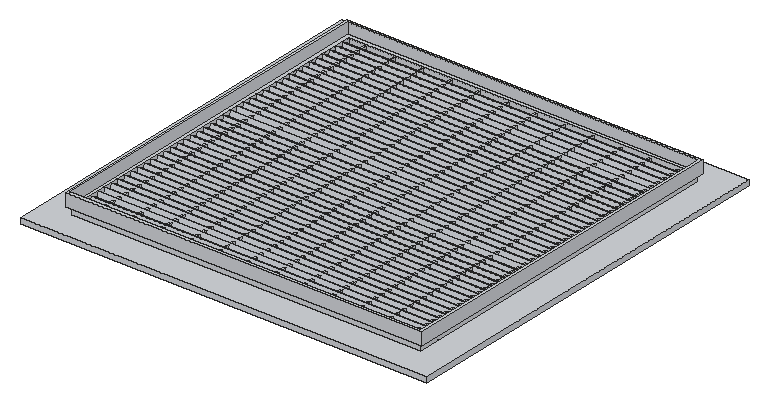
Revit family "GHR", category Air Terminals, Revit 2012
Parameters (values of type "GHR-12")
  URL = "http://www.innes.com.mx"
  Separacion barras = Ancho A - 1 1/16"  # 10 5/8"
  Separacion 1 = 29/32"
  Separacion = 9/32"
  No. de elementos 1 = Separacion barras / (Separacion 1)  # 12
  No. de elementos = Largo B / (Separacion)  # 41
  Mínima velocidad de cuello = 0 FPM
  Mínima presión estática = 0.00 in-wg
  Máximo nivel de ruido (NC) = ""
  Máxima velocidad de cuello = 0 FPM
  Máxima presión estática = 0.00 in-wg
  Medida vertical B = Largo B + 2 1/8"  # 13 11/16"
  Medida horizontal A = Ancho A + 2 1/8"  # 13 13/16"
  Material = ""
  Manufacturer = "INNES"
  Largo barra = 15/64"
  Largo B = 11 9/16"
  Cuello = ""
  Ancho barra = 1/16"
  Ancho aleta = 1/2"
  Ancho A = 11 11/16"
  Alto aleta = 11/32"
Types (5): name | Separacion barras | No. de elementos 1 | No. de elementos | Medida vertical B | Medida horizontal A | Largo B | Ancho A
  (no name) | 10 5/8" | 12 | 41 | 13 11/16" | 13 13/16" | 11 9/16" | 11 11/16"
  GHR-12 | 10 5/8" | 12 | 41 | 13 11/16" | 13 13/16" | 11 9/16" | 11 11/16"
  GHR-13 | 11 5/8" | 13 | 45 | 14 11/16" | 14 13/16" | 12 9/16" | 12 11/16"
  GHR-14 | 12 5/8" | 14 | 48 | 15 11/16" | 15 13/16" | 13 9/16" | 13 11/16"
  GHR-15 | 13 5/8" | 15 | 52 | 16 11/16" | 16 13/16" | 14 9/16" | 14 11/16"
Reference planes (in)
  plane 1 "Center (Front/Back)": y = 0
  plane 2: z = 0
  plane 3 "Center (Left/Right)": x = 0
  plane 4: y = 6.84375
  plane 5: y = -6.84375
  plane 6: x = -6.90625
  plane 7: x = 6.90625
  plane 8: x = -5.84375
  plane 9: x = 5.84375
  plane 10: y = 5.78125
  plane 11: y = -5.78125
  plane 12: z = 0.875
  plane 13: z = 0.1875
  plane 14: x = -5.3125
  plane 15: x = 5.3125
Forms (in)
  Sweep 1, solid
    path origin (0, 0, 0) x (1, 0, 0) y (0, 1, 0)
      loop
        line (-5.84375, 5.78125) -> (-5.84375, -5.78125) -> (5.84375, -5.78125) -> (5.84375, 5.78125) -> (-5.84375, 5.78125)
    profile origin (0, 5.78125, 0) x (0, 1, 0) y (0, 0, 1)
      loop
        line (0, 0) -> (1.0625, 0) -> (1.0625, 0.1875) -> (0.0848, 0.1875) -> (0.0848, 0.4375) -> (0.20598, 0.4375) -> (0.20598, 0.875) -> (0.1295, 0.875) -> (0.1295, 0.5) -> (0, 0.5) -> (0, 0)
Dimensions and locks (in)
  equal spacing: plane 4, plane 1 "Center (Front/Back)", plane 5
  "Medida vertical B": plane 4 to plane 5
  equal spacing: plane 6, plane 3 "Center (Left/Right)", plane 7
  "Medida horizontal A": plane 6 to plane 7
  equal spacing: plane 8, plane 3 "Center (Left/Right)", plane 9
  "Ancho A": plane 8 to plane 9
  equal spacing: plane 10, plane 1 "Center (Front/Back)", plane 11
  "Largo B": plane 10 to plane 11
  locked: plane 12 to level at 0.875
  locked: plane 13 to level at 0.1875
  equal spacing: group 1, group 2, group 3, group 4, group 5, group 6, group 7, group 8, group 9, group 10, group 11, group 12, group 13, group 14, group 15, group 16, group 17, group 18, group 19, group 20, group 21, group 22, group 23, group 24, group 25, group 26, group 27, group 28, group 29, group 30, group 31, group 32, group 33, group 34, group 35, group 36, group 37, group 38, group 39, group 40, group 41  (x3)
  "Separacion": nested 2 to Sweep 1
  equal spacing: plane 15, plane 3 "Center (Left/Right)", plane 14
  "Separacion barras": plane 15 to plane 14
  equal spacing: group 42, group 43, group 44, group 45, group 46, group 47, group 48, group 49, group 50, group 51, group 52, group 53  (x3)
  "Separacion 1": nested 43 to nested 42
  aligned and locked: plane 2 to level
  aligned and locked: Sweep 1 sketch curve to plane 10
  aligned and locked: plane 8 to Sweep 1 sketch curve
  aligned and locked: plane 11 to Sweep 1 sketch curve
  aligned and locked: Sweep 1 sketch curve to plane 9
  aligned and locked: Sweep 1 to level
  aligned and locked: nested 1 to Sweep 1
  aligned and locked: Sweep 1 to plane 9
  aligned and locked: plane 11 to Sweep 1
  aligned and locked: nested 1 to plane 9
  aligned and locked: nested 1 to plane 11
  aligned and locked: plane 8 to Sweep 1
  aligned and locked: nested 1 to plane 3 "Center (Left/Right)"
  aligned and locked: nested 42 to plane 14
  aligned and locked: plane 13 to Sweep 1
  aligned and locked: nested 42 to plane 11
  aligned and locked: Sweep 1 to plane 10
  aligned and locked: plane 14 to nested 42
  aligned and locked: plane 4 to Sweep 1
  aligned and locked: Sweep 1 to plane 5
Automatic sketch dimensions
  Sweep 1 sketch curve to level = 0"
  Sweep 1 sketch curve to profile plane = 0"
  Sweep 1 sketch curve to profile plane = 0.0848"
  Sweep 1 sketch curve to Sweep 1 sketch curve = 0.0447"
  Sweep 1 sketch curve to Sweep 1 sketch curve = 0.07648"
  level to Sweep 1 sketch curve = 3/16"
  Sweep 1 sketch curve to Sweep 1 sketch curve = 0.85652"
  Sweep 1 sketch curve to Sweep 1 sketch curve = 1/4"
  Sweep 1 sketch curve to Sweep 1 sketch curve = 1/16"
  Sweep 1 sketch curve to Sweep 1 sketch curve = 3/8"
Nested families (in)
  nested 1: "GHR ALETA1" at (0, -5.60938, 0) x (-1, 0, 0) z (0, 0, 1), type "GHR ALETA1"
  nested 2: "GHR ALETA1" at (0, -5.32813, 0) x (-1, 0, 0) z (0, 0, 1), type "GHR ALETA1"
  nested 3: "GHR ALETA1" at (0, -5.04688, 0) x (-1, 0, 0) z (0, 0, 1), type "GHR ALETA1"
  nested 4: "GHR ALETA1" at (0, -4.76563, 0) x (-1, 0, 0) z (0, 0, 1), type "GHR ALETA1"
  nested 5: "GHR ALETA1" at (0, -4.48438, 0) x (-1, 0, 0) z (0, 0, 1), type "GHR ALETA1"
  nested 6: "GHR ALETA1" at (0, -4.20313, 0) x (-1, 0, 0) z (0, 0, 1), type "GHR ALETA1"
  nested 7: "GHR ALETA1" at (0, -3.92188, 0) x (-1, 0, 0) z (0, 0, 1), type "GHR ALETA1"
  nested 8: "GHR ALETA1" at (0, -3.64063, 0) x (-1, 0, 0) z (0, 0, 1), type "GHR ALETA1"
  nested 9: "GHR ALETA1" at (0, -3.35938, 0) x (-1, 0, 0) z (0, 0, 1), type "GHR ALETA1"
  nested 10: "GHR ALETA1" at (0, -3.07813, 0) x (-1, 0, 0) z (0, 0, 1), type "GHR ALETA1"
  nested 11: "GHR ALETA1" at (0, -2.79688, 0) x (-1, 0, 0) z (0, 0, 1), type "GHR ALETA1"
  nested 12: "GHR ALETA1" at (0, -2.51563, 0) x (-1, 0, 0) z (0, 0, 1), type "GHR ALETA1"
  nested 13: "GHR ALETA1" at (0, -2.23438, 0) x (-1, 0, 0) z (0, 0, 1), type "GHR ALETA1"
  nested 14: "GHR ALETA1" at (0, -1.95313, 0) x (-1, 0, 0) z (0, 0, 1), type "GHR ALETA1"
  nested 15: "GHR ALETA1" at (0, -1.67188, 0) x (-1, 0, 0) z (0, 0, 1), type "GHR ALETA1"
  nested 16: "GHR ALETA1" at (0, -1.39063, 0) x (-1, 0, 0) z (0, 0, 1), type "GHR ALETA1"
  nested 17: "GHR ALETA1" at (0, -1.10938, 0) x (-1, 0, 0) z (0, 0, 1), type "GHR ALETA1"
  nested 18: "GHR ALETA1" at (0, -0.82813, 0) x (-1, 0, 0) z (0, 0, 1), type "GHR ALETA1"
  nested 19: "GHR ALETA1" at (0, -0.54688, 0) x (-1, 0, 0) z (0, 0, 1), type "GHR ALETA1"
  nested 20: "GHR ALETA1" at (0, -0.26563, 0) x (-1, 0, 0) z (0, 0, 1), type "GHR ALETA1"
  nested 21: "GHR ALETA1" at (0, 0.01562, 0) x (-1, 0, 0) z (0, 0, 1), type "GHR ALETA1"
  nested 22: "GHR ALETA1" at (0, 0.29687, 0) x (-1, 0, 0) z (0, 0, 1), type "GHR ALETA1"
  nested 23: "GHR ALETA1" at (0, 0.57812, 0) x (-1, 0, 0) z (0, 0, 1), type "GHR ALETA1"
  nested 24: "GHR ALETA1" at (0, 0.85937, 0) x (-1, 0, 0) z (0, 0, 1), type "GHR ALETA1"
  nested 25: "GHR ALETA1" at (0, 1.14062, 0) x (-1, 0, 0) z (0, 0, 1), type "GHR ALETA1"
  nested 26: "GHR ALETA1" at (0, 1.42187, 0) x (-1, 0, 0) z (0, 0, 1), type "GHR ALETA1"
  nested 27: "GHR ALETA1" at (0, 1.70312, 0) x (-1, 0, 0) z (0, 0, 1), type "GHR ALETA1"
  nested 28: "GHR ALETA1" at (0, 1.98437, 0) x (-1, 0, 0) z (0, 0, 1), type "GHR ALETA1"
  nested 29: "GHR ALETA1" at (0, 2.26562, 0) x (-1, 0, 0) z (0, 0, 1), type "GHR ALETA1"
  nested 30: "GHR ALETA1" at (0, 2.54687, 0) x (-1, 0, 0) z (0, 0, 1), type "GHR ALETA1"
  nested 31: "GHR ALETA1" at (0, 2.82812, 0) x (-1, 0, 0) z (0, 0, 1), type "GHR ALETA1"
  nested 32: "GHR ALETA1" at (0, 3.10937, 0) x (-1, 0, 0) z (0, 0, 1), type "GHR ALETA1"
  nested 33: "GHR ALETA1" at (0, 3.39062, 0) x (-1, 0, 0) z (0, 0, 1), type "GHR ALETA1"
  nested 34: "GHR ALETA1" at (0, 3.67187, 0) x (-1, 0, 0) z (0, 0, 1), type "GHR ALETA1"
  nested 35: "GHR ALETA1" at (0, 3.95312, 0) x (-1, 0, 0) z (0, 0, 1), type "GHR ALETA1"
  nested 36: "GHR ALETA1" at (0, 4.23437, 0) x (-1, 0, 0) z (0, 0, 1), type "GHR ALETA1"
  nested 37: "GHR ALETA1" at (0, 4.51562, 0) x (-1, 0, 0) z (0, 0, 1), type "GHR ALETA1"
  nested 38: "GHR ALETA1" at (0, 4.79687, 0) x (-1, 0, 0) z (0, 0, 1), type "GHR ALETA1"
  nested 39: "GHR ALETA1" at (0, 5.07812, 0) x (-1, 0, 0) z (0, 0, 1), type "GHR ALETA1"
  nested 40: "GHR ALETA1" at (0, 5.35937, 0) x (-1, 0, 0) z (0, 0, 1), type "GHR ALETA1"
  nested 41: "GHR ALETA1" at (0, 5.64062, 0) x (-1, 0, 0) z (0, 0, 1), type "GHR ALETA1"
  nested 42: "Barra GHR" at (-5.28125, 0, 0.1875), type "Barra GHR"
  nested 43: "Barra GHR" at (-4.3125, 0, 0.1875), type "Barra GHR"
  nested 44: "Barra GHR" at (-3.34375, 0, 0.1875), type "Barra GHR"
  nested 45: "Barra GHR" at (-2.375, 0, 0.1875), type "Barra GHR"
  nested 46: "Barra GHR" at (-1.40625, 0, 0.1875), type "Barra GHR"
  nested 47: "Barra GHR" at (-0.4375, 0, 0.1875), type "Barra GHR"
  nested 48: "Barra GHR" at (0.53125, 0, 0.1875), type "Barra GHR"
  nested 49: "Barra GHR" at (1.5, 0, 0.1875), type "Barra GHR"
  nested 50: "Barra GHR" at (2.46875, 0, 0.1875), type "Barra GHR"
  nested 51: "Barra GHR" at (3.4375, 0, 0.1875), type "Barra GHR"
  nested 52: "Barra GHR" at (4.40625, 0, 0.1875), type "Barra GHR"
  nested 53: "Barra GHR" at (5.375, 0, 0.1875), type "Barra GHR"
Connectors (in)
  hvac at (0, 0, 0.1875), driven by "Medida vertical B", driven by "Medida horizontal A"
    settings: on Sweep 1, index 1, duct flow 0 CFM, flow factor 0, pres drop 0.00 in-wg, loss coef 0, conn angle 0.00°, conn width 13 13/16", conn height 13 11/16", conn radius 12", duct sys type 1, conn prof type 1, flow config 0, flow direction 0, loss method 0, conn ref index -1, conn util no, is conn primary yes, conn desc ""
Definition of nested family "GHR ALETA1"
  Parameters (values of type "GHR ALETA1")
    Ancho aleta = 11/32"
    Ancho A = 11 11/16"
    Alto aleta = 1/2"
  Reference planes (in)
    plane 1 "Center (Front/Back)": y = 0
    plane 2: z = 0
    plane 3 "Center (Left/Right)": x = 0
    plane 4: x = -5.84375
    plane 5: x = 5.84375
    plane 6: y = 0.17187
    plane 7: y = -0.17188
    plane 8: z = 0.5
  Forms (in)
    Sweep 1, solid
      path origin (0, 0, 0) x (1, 0, 0) y (0, 1, 0)
        loop
          line (-5.84375, 0) -> (5.84375, 0)
      profile origin (0, 0, 0) x (0, 1, 0) y (0, 0, 1)
        loop
          line (0.13023, 0.3158) -> (-0.04643, 0.13914) -> (-0.0787, 0.12409) -> (-0.17187, 0.11243) -> (-0.16766, 0) -> (-0.04959, 0.07963) -> (0.17188, 0.3011) -> (0.17188, 0.33335) -> (0.12841, 0.5) -> (0.0512, 0.464) -> (0.13023, 0.35113) -> (0.13023, 0.3158)
  Dimensions and locks (in)
    equal spacing: plane 4, plane 3 "Center (Left/Right)", plane 5, locked at 5.84375 each
    "Ancho A": plane 4 to plane 5
    equal spacing: plane 6, plane 1 "Center (Front/Back)", plane 7
    "Ancho aleta": plane 6 to plane 7
    "Alto aleta": plane 8 to level
    "Ancho A": Sweep 1 sketch curve to Sweep 1 sketch curve
    aligned and locked: plane 2 to level
    aligned and locked: plane 1 "Center (Front/Back)" to Sweep 1 sketch curve
    aligned and locked: plane 6 to Sweep 1 sketch curve  (x2)
    aligned and locked: plane 8 to Sweep 1 sketch curve
    aligned and locked: plane 7 to Sweep 1 sketch curve
    aligned and locked: profile plane to Sweep 1 sketch curve
  Automatic sketch dimensions
    Sweep 1 sketch curve to plane 5 = 0"
    Sweep 1 sketch curve to Sweep 1 sketch curve = 0.04165"
    Sweep 1 sketch curve to profile plane = 0.12841"
    Sweep 1 sketch curve to profile plane = 0.0512"
    profile plane to Sweep 1 sketch curve = 0.04643"
    profile plane to Sweep 1 sketch curve = 0.04959"
    Sweep 1 sketch curve to Sweep 1 sketch curve = 0.03227"
    Sweep 1 sketch curve to Sweep 1 sketch curve = 0.11806"
    level to Sweep 1 sketch curve = 0.07963"
    level to Sweep 1 sketch curve = 0.11243"
    Sweep 1 sketch curve to Sweep 1 sketch curve = 0.04445"
    Sweep 1 sketch curve to Sweep 1 sketch curve = 0.01505"
    Sweep 1 sketch curve to Sweep 1 sketch curve = 0.1989"
    Sweep 1 sketch curve to Sweep 1 sketch curve = 0.01469"
    Sweep 1 sketch curve to Sweep 1 sketch curve = 0.03224"
    Sweep 1 sketch curve to Sweep 1 sketch curve = 0.03534"
    Sweep 1 sketch curve to Sweep 1 sketch curve = 0.036"
Definition of nested family "Barra GHR"
  Parameters (values of type "Barra GHR")
    Largo barra = 15/64"
    Largo B = 11 9/16"
    Ancho barra = 1/16"
  Reference planes (in)
    plane 1 "Center (Front/Back)": y = 0
    plane 2: z = 0
    plane 3 "Center (Left/Right)": x = 0
    plane 4: x = -0.03125
    plane 5: x = 0.03125
    plane 6: y = 5.78125
    plane 7: y = -5.78125
    plane 8: z = 0.23438
  Forms (in)
    Extrusion 1, solid
      sketch origin (0, 0, 0) x (1, 0, 0) y (0, 1, 0)
        loop
          line (-0.03125, 5.78125) -> (-0.03125, -5.78125) -> (0.03125, -5.78125) -> (0.03125, 5.78125) -> (-0.03125, 5.78125)
      from 0 to 0.23437
  Dimensions and locks (in)
    equal spacing: plane 6, plane 1 "Center (Front/Back)", plane 7, locked at 5.78125 each
    "Largo B": plane 6 to plane 7
    equal spacing: plane 4, plane 3 "Center (Left/Right)", plane 5, locked at 0.03125 each
    "Ancho barra": plane 4 to plane 5
    "Largo barra": plane 8 to level
    aligned and locked: plane 2 to level
    aligned and locked: Extrusion 1 sketch curve to plane 6
    aligned and locked: plane 4 to Extrusion 1 sketch curve
    aligned and locked: plane 7 to Extrusion 1 sketch curve
  Automatic sketch dimensions
    Extrusion 1 sketch curve to plane 5 = 0"
